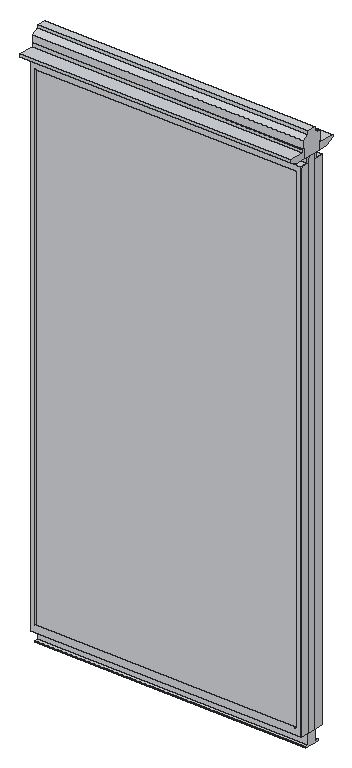
Revit family "Wall-Panel_Operable-Partition_Moderco_Signature-Series", category Curtain Panels, Revit 2026
Family settings
  Classification Number = 23.25.40.17
  Always vertical = Yes
  Cut with Voids When Loaded = No
  Shared = No
Parameters (values of type "8500 Paired Panel")
  Warranty Duration (Years) = 0
  Use = "Pair"
  URL = "http://moderco.com/"
  Track Type [instance] = Overhead Tracks : Track 33 with W Trim
  Threshold Material [instance] = none
  Test Data = ""
  Specification = "http://www.arcat.com/sdspecs/htm04/10_22_26mpi.htm"
  Send Message = ""
  Seal Height_Bottom [instance] = 0' - 2"
  Sales Information = "http://moderco.com/contact/"
  STC Rating [instance] = 0
  Revision = "R1_2015-09"
  Product Properties = ""
  Product Data = "http://www.arcat.com/arcatcos/cos34/arc34266.html"
  Panel Width [instance] = 3' - 8"
  Panel Thickness = 0' - 4"
  Panel Height [instance] = 7' - 2"
  Model = "8500"
  Max Height = 22' - 4"
  Manufacturer Website = "http://moderco.com/"
  Manufacturer Phone - Toll Free = "800-363-3150"
  Manufacturer Phone = "450-641-3150"
  Manufacturer Fax = "450-641-4965 or 800-231-4965"
  Manufacturer Address = "115 de Lauzon   Boucherville, QC, Canada J4B 1E7"
  Manufacturer = "Moderco, Inc"
  Maintenance Schedule (Months) = 0
  Keynote = "10 22 26"
  Interior Finish [instance] = none
  Installation-Fabrication = ""
  Installation Phase = ""
  Green Building-LEED = ""
  Frame Material [instance] = none
  Exterior Finish [instance] = none
  Expected Lifespan (Years) = 0
  Drawn By = "Sumex Design, Inc. / Robert S. Weygant, CSI, CDT, SCIP"
  Description = "Moderco Signature Series 8500 Paired Wall Panel as Specified"
  Copyright = "©Arcat Inc."
  Construction Details = "http://www.arcat.com/details/moderco/moderco.html?coid=34266"
  Building Codes = ""
  Assembly Code = "C1010300"
Types (5): name | Use | Model | Max Height | Description
  8760 Electric Panel | "Electric" | "8760" | 16' - 4" | "Moderco Signature Series 8760 Single Wall Panel as Specified"
  8720 Electric Panel | "Electric" | "8720" | 16' - 4" | "Moderco Signature Series 8720 Single Wall Panel as Specified"
  8500 Paired Panel | "Pair" | "8500" | 22' - 4" | "Moderco Signature Series 8500 Paired Wall Panel as Specified"
  8800 Single Panel | "Single" | "8800" | 30' - 4" | "Moderco Signature Series 8800 Single Wall Panel as Specified"
  8600 Single Panel | "Single" | "8600" | 22' - 4" | "Moderco Signature Series 8600 Single Wall Panel as Specified"
Reference planes (in)
  plane 1 "Front": y = 0
  plane 2: z = 0
  plane 3 "Center (Left/Right)": x = 0
  plane 4 "Left": x = -22
  plane 5 "Right": x = 22
  plane 6 "Top": z = 86
  plane 7: y = 2
  plane 8: y = -2
  plane 9: z = 2
  plane 10: z = 85
Forms (in)
  Extrusion 1, solid, material <- "Interior Finish"
    sketch origin (22, 0, 0) x (0, -1, 0) y (0, 0, 1)
      loop
        line (2, 2) -> (2, 85) -> (0.5, 85) -> (0.5, 2) -> (2, 2)
    from 0 to 44
  Extrusion 2, solid, material <- "Exterior Finish"
    sketch origin (22, 0, 0) x (0, 1, 0) y (0, 0, -1)
      loop
        line (2, -2) -> (0.5, -2) -> (0.5, -85) -> (2, -85) -> (2, -2)
    from 0 to 44
  Extrusion 3, solid, material <- "Frame Material"
    sketch origin (0, 0, 0) x (1, 0, 0) y (0, 1, 0)
      loop
        line (-22, 0.5) -> (-22, -0.5) -> (-20, -0.5) -> (-20, 0.5) -> (-22, 0.5)
      loop
        line (22, 0.5) -> (20, 0.5) -> (20, -0.5) -> (22, -0.5) -> (22, 0.5)
    from 2 to 86
  Extrusion 4, solid, material <- "Threshold Material"
    sketch origin (22, 0, 0) x (0, -1, 0) y (0, 0, 1)
      loop
        line (2, 2.12546) -> (-2, 2.12546) -> (-2, 3.12546) -> (-2.125, 3.12546) -> (-2.125, 2) -> (-0.75, 2) -> (-0.75, 0.25) -> (-1.25, 0.25) -> (-1.25, 0) -> (1.25, 0) -> (1.25, 0.25) -> (0.75, 0.25) -> (0.75, 2) -> (2.125, 2) -> (2.125, 3.12546) -> (2, 3.12546) -> (2, 2.12546)
    from 0 to 44
  Extrusion 5, solid, material <- "Threshold Material"
    sketch origin (22, 0, 0) x (0, -1, 0) y (0, 0, 1)
      loop
        line (2, 85) -> (2, 84.25) -> (2.125, 84.25) -> (2.125, 85.125) -> (0.875, 85.125) -> (0.875, 86) -> (-0.875, 86) -> (-0.875, 85.125) -> (-2.125, 85.125) -> (-2.125, 84.25) -> (-2, 84.25) -> (-2, 85) -> (2, 85)
    from 0 to 44
  Extrusion 6, solid, material <- "Threshold Material"
    sketch origin (0, 0, 0) x (1, 0, 0) y (0, 0, 1)
      loop
        line (-22, 85) -> (-22, 2) -> (-21.25, 2) -> (-21.25, 85) -> (-22, 85)
      loop
        line (22, 85) -> (21.25, 85) -> (21.25, 2) -> (22, 2) -> (22, 85)
    from -2.125 to 2.125
Cuts and joins
  joined: Extrusion 4, Extrusion 5, Extrusion 6
Text (in)
  text "Exterior" at (-54.29358, 31.38743, 0), in view "Ref. Level"
  text "Exterior" at (480, 41.53993, 89.60405), in view "Right"
  text "Exterior" at (-240, 57.82419, 105.78864), in view "Left"
Dimensions and locks (in)
  equal spacing: plane 4 "Left", plane 3 "Center (Left/Right)", plane 5 "Right"
  equal spacing: plane 7, plane 1 "Front", plane 8
  "Panel Thickness": plane 7 to plane 8
  "Panel Height": plane 6 "Top" to level
  "Panel Width": plane 4 "Left" to plane 5 "Right"
  "Seal Height_Bottom": plane 9 to plane 2
  locked: plane 8 to Extrusion 1 sketch curve at 1.5
  locked: Extrusion 2 sketch curve to plane 7 at 1.5
  locked: plane 7 to Extrusion 3 sketch curve at 1.5  (x2)
  locked: Extrusion 3 sketch curve to plane 8 at 1.5  (x2)
  locked: Extrusion 3 sketch curve to plane 5 "Right" at 2
  locked: plane 4 "Left" to Extrusion 3 sketch curve at 2
  locked: Extrusion 4 sketch curve to plane 8 at 0.125
  locked: plane 7 to Extrusion 4 sketch curve at 0.125
  Extrusion 4 sketch curve to plane 1 "Front" to Extrusion 4 sketch curve = 0' - 0 3/4" locked, 0' - 0 3/4" locked
  locked: plane 10 to plane 6 "Top" at 1
  Extrusion 5 sketch curve to plane 8 to Extrusion 5 sketch curve = 0' - 0 1/8" locked, 0' - 1 1/8"
  Extrusion 5 sketch curve to plane 7 to Extrusion 5 sketch curve = 0' - 1 1/8", 0' - 0 1/8" locked
  locked: plane 4 "Left" to Extrusion 6 sketch curve at 0.75
  locked: Extrusion 6 sketch curve to plane 5 "Right" at 0.75
  locked: Extrusion 5 sketch curve to plane 10 at 0.125  (x2)
  Extrusion 4 sketch curve to plane 1 "Front" to Extrusion 4 sketch curve = 0' - 1 1/4" locked, 0' - 1 1/4" locked
  aligned and locked: plane 3 "Center (Left/Right)" to nested 1
  aligned and locked: plane 8 to Extrusion 1 sketch curve
  aligned and locked: Extrusion 2 sketch curve to plane 9
  aligned and locked: plane 7 to Extrusion 2 sketch curve
  aligned and locked: plane 9 to Extrusion 1 sketch curve
  aligned and locked: plane 4 "Left" to Extrusion 1
  aligned and locked: Extrusion 1 to plane 5 "Right"
  aligned and locked: plane 4 "Left" to Extrusion 2
  aligned and locked: Extrusion 2 to plane 5 "Right"
  aligned and locked: plane 4 "Left" to Extrusion 3 sketch curve
  aligned and locked: plane 5 "Right" to Extrusion 3 sketch curve
  aligned and locked: Extrusion 3 to plane 6 "Top"
  aligned and locked: Extrusion 3 to plane 9
  aligned and locked: plane 2 to Extrusion 4 sketch curve
  aligned and locked: plane 4 "Left" to Extrusion 4
  aligned and locked: Extrusion 4 to plane 5 "Right"
  aligned and locked: Extrusion 1 sketch curve to plane 10
  aligned and locked: plane 10 to Extrusion 2 sketch curve
  aligned and locked: plane 4 "Left" to Extrusion 5
  aligned and locked: Extrusion 5 to plane 5 "Right"
  aligned and locked: Extrusion 6 sketch curve to plane 4 "Left"
  aligned and locked: Extrusion 6 sketch curve to plane 5 "Right"
  aligned and locked: plane 10 to Extrusion 6 sketch curve
  aligned and locked: Extrusion 6 sketch curve to plane 10
  aligned and locked: plane 9 to Extrusion 6 sketch curve
  aligned and locked: Extrusion 6 sketch curve to plane 9
  aligned and locked: plane 9 to Extrusion 4 sketch curve
  aligned and locked: Extrusion 4 sketch curve to plane 9
Automatic sketch dimensions
  Extrusion 1 sketch curve to plane 8 = 0' - 0"
  Extrusion 5 sketch curve to plane 7 = 0' - 0"
  Extrusion 5 sketch curve to plane 8 = 0' - 0"
  plane 6 "Top" to Extrusion 5 sketch curve = 0' - 0"
  Extrusion 5 sketch curve to Extrusion 5 sketch curve = 0' - 0 3/4"  (x2)
  Extrusion 5 sketch curve to plane 10 = 0' - 0"
  Extrusion 4 sketch curve to plane 7 = 0' - 0"
  Extrusion 4 sketch curve to plane 8 = 0' - 0"
  Extrusion 4 sketch curve to Extrusion 4 sketch curve = 0' - 0 1/4"  (x2)
  plane 9 to Extrusion 4 sketch curve = 0' - 0.12546"
  Extrusion 4 sketch curve to Extrusion 4 sketch curve = 0' - 1"  (x2)
Nested families (in)
  nested 1: "Overhead Tracks" at (0, 0, 0), length <- "Panel Width", Height <- "Panel Height", type <- "Track Type", finish <- "Frame Material", type "Track 33 with W Trim"
    with length 3' - 8", finish none, built-in parameter 1001300 7' - 2", track width 0' - 3 1/4", halftrackwidth 0' - 1 5/8", W Trim yes, No 552 no, No 33 yes, L Trim no
Definition of nested family "Overhead Tracks"
  Parameters
    track width = 0' - 3 1/8"
    length [instance] = 4' - 3.58097"
    halftrackwidth = track width / 2  # 0' - 1 9/16"
    finish [instance] = none
    W Trim = no
    No 556 = no
    No 552 = yes
    No 45 = no
    No 33 = no
    L Trim = yes
    Height [instance] = 5' - 5.60265"
    Default Elevation = 4' - 0"
    Assembly Code = ""
  Reference planes (in)
    plane 1 "Center (Front/Back)": y = 0
    plane 2: z = 0
    plane 3 "Center (Left/Right)": x = 0
    plane 4: z = 65.60265
    plane 5: x = -25.79049
    plane 6: x = 25.79049
  Forms (in)
    Extrusion 1, solid, material <- "finish", visible <- "No 33"
      sketch origin (0, 0, 0) x (0, 1, 0) y (0, 0, 1)
        loop
          line (1.625, 65.60265) -> (1.625, 68.34747) -> (0.75, 68.85265) -> (0.75, 69.35265) -> (-0.75, 69.35265) -> (-0.75, 68.85265) -> (-1.625, 68.34747) -> (-1.625, 65.60265) -> (1.625, 65.60265)
      from -25.79049 to 25.79049
    Extrusion 2, solid, material <- "finish", visible <- "L Trim"
      sketch origin (0, 0, 0) x (0, 1, 0) y (0, 0, 1)
        loop
          line (-1.5625, 65.60265) -> (-1.5625, 67.10265) -> (-1.6875, 67.10265) -> (-1.6875, 65.72765) -> (-3.0625, 65.72765) -> (-3.0625, 65.60265) -> (-1.5625, 65.60265)
        loop
          line (1.5625, 65.60265) -> (3.0625, 65.60265) -> (3.0625, 65.72765) -> (1.6875, 65.72765) -> (1.6875, 67.10265) -> (1.5625, 67.10265) -> (1.5625, 65.60265)
      from -25.79049 to 25.79049
    Extrusion 3, solid, material <- "finish", visible <- "W Trim"
      sketch origin (0, 0, 0) x (0, 1, 0) y (0, 0, 1)
        loop
          line (-1.5625, 65.60265) -> (-1.5625, 67.10265) -> (-1.6875, 67.10265) -> (-1.6875, 66.60265) -> (-4.1875, 66.60265) -> (-4.1875, 66.22765) -> (-3.10497, 65.60265) -> (-1.5625, 65.60265)
        loop
          line (1.5625, 65.60265) -> (3.10497, 65.60265) -> (4.1875, 66.22765) -> (4.1875, 66.60265) -> (1.6875, 66.60265) -> (1.6875, 67.10265) -> (1.5625, 67.10265) -> (1.5625, 65.60265)
      from -25.79049 to 25.79049
    Extrusion 4, solid, material <- "finish", visible <- "No 45"
      sketch origin (0, 0, 0) x (0, 1, 0) y (0, 0, 1)
        loop
          line (-1.125, 65.60265) -> (1.125, 65.60265) -> (1.125, 67.35265) -> (0.75, 67.35265) -> (0.75, 68.22765) -> (-0.75, 68.22765) -> (-0.75, 67.35265) -> (-1.125, 67.35265) -> (-1.125, 65.60265)
      from -25.79049 to 25.79049
    Extrusion 5, solid, material <- "finish", visible <- "No 552"
      sketch origin (0, 0, 0) x (0, 1, 0) y (0, 0, 1)
        loop
          line (1.5625, 65.60265) -> (1.5625, 68.85265) -> (1.25, 68.85265) -> (1.25, 69.35265) -> (-1.25, 69.35265) -> (-1.25, 68.85265) -> (-1.5625, 68.85265) -> (-1.5625, 65.60265) -> (1.5625, 65.60265)
      from -25.79049 to 25.79049
    Extrusion 6, solid, material <- "finish", visible <- "No 556"
      sketch origin (0, 0, 0) x (0, 1, 0) y (0, 0, 1)
        loop
          line (-1.5625, 65.60265) -> (1.5625, 65.60265) -> (1.5625, 70.29015) -> (1.4375, 70.29015) -> (1.4375, 71.04015) -> (-1.4375, 71.04015) -> (-1.4375, 70.29015) -> (-1.5625, 70.29015) -> (-1.5625, 65.60265)
      from -25.79049 to 25.79049
  Dimensions and locks (in)
    "Height": plane 4 to level
    equal spacing: plane 6, plane 3 "Center (Left/Right)", plane 5
    "length": plane 6 to plane 5
    "halftrackwidth": Extrusion 2 sketch curve to plane 1 "Center (Front/Back)"
    "halftrackwidth": plane 1 "Center (Front/Back)" to Extrusion 2 sketch curve
    Extrusion 2 sketch curve to Extrusion 2 sketch curve to Extrusion 2 sketch curve = 0' - 1 3/8" locked, 0' - 0 1/8" locked
    Extrusion 2 sketch curve to Extrusion 2 sketch curve to Extrusion 2 sketch curve = 0' - 0 1/8" locked, 0' - 1 3/8" locked
    Extrusion 3 sketch curve to Extrusion 3 sketch curve to Extrusion 3 sketch curve to Extrusion 3 sketch curve = 0' - 1.08253" locked, 0' - 1.41747" locked, 0' - 0 1/8" locked
    Extrusion 3 sketch curve to Extrusion 3 sketch curve to Extrusion 3 sketch curve to Extrusion 3 sketch curve = 0' - 0 1/8" locked, 0' - 1.41747" locked, 0' - 1.08253" locked
    "halftrackwidth": Extrusion 3 sketch curve to plane 1 "Center (Front/Back)"
    "halftrackwidth": plane 1 "Center (Front/Back)" to Extrusion 3 sketch curve
    aligned and locked: plane 2 to level
    aligned and locked: plane 6 to Extrusion 1
    aligned and locked: Extrusion 1 to plane 5
    aligned and locked: plane 6 to Extrusion 3
    aligned and locked: Extrusion 3 to plane 5
    aligned and locked: plane 6 to Extrusion 4
    aligned and locked: Extrusion 4 to plane 5
    aligned and locked: plane 6 to Extrusion 2
    aligned and locked: Extrusion 2 to plane 5
    aligned and locked: Extrusion 6 to plane 5
    aligned and locked: plane 6 to Extrusion 6
    aligned and locked: plane 6 to Extrusion 5
    aligned and locked: Extrusion 5 to plane 5
  Automatic sketch dimensions
    Extrusion 1 sketch curve to plane 4 = 0' - 0"
    plane 1 "Center (Front/Back)" to Extrusion 1 sketch curve = 0' - 1 5/8"
    plane 1 "Center (Front/Back)" to Extrusion 1 sketch curve = 0' - 0 3/4"
    Extrusion 1 sketch curve to plane 1 "Center (Front/Back)" = 0' - 0 3/4"
    Extrusion 1 sketch curve to Extrusion 1 sketch curve = 0' - 0 7/8"
    plane 4 to Extrusion 1 sketch curve = 0' - 2.74482"
    Extrusion 1 sketch curve to Extrusion 1 sketch curve = 0' - 0.50518"  (x2)
    Extrusion 1 sketch curve to Extrusion 1 sketch curve = 0' - 0 1/2"
    Extrusion 1 sketch curve to Extrusion 1 sketch curve = 0' - 1.00518"
    Extrusion 2 sketch curve to plane 4 = 0' - 0"  (x2)
    plane 4 to Extrusion 2 sketch curve = 0' - 0 1/8"  (x2)
    Extrusion 2 sketch curve to Extrusion 2 sketch curve = 0' - 1 3/8"  (x2)
    Extrusion 4 sketch curve to plane 4 = 0' - 0"
    plane 1 "Center (Front/Back)" to Extrusion 4 sketch curve = 0' - 0 3/4"
    plane 1 "Center (Front/Back)" to Extrusion 4 sketch curve = 0' - 1 1/8"
    Extrusion 4 sketch curve to Extrusion 4 sketch curve = 0' - 1 3/4"  (x2)
    Extrusion 4 sketch curve to Extrusion 4 sketch curve = 0' - 0 7/8"
    Extrusion 4 sketch curve to plane 1 "Center (Front/Back)" = 0' - 0 3/4"
    Extrusion 4 sketch curve to Extrusion 4 sketch curve = 0' - 0 3/8"
    Extrusion 3 sketch curve to plane 4 = 0' - 0"  (x2)
    plane 4 to Extrusion 3 sketch curve = 0' - 0 5/8"  (x2)
    plane 4 to Extrusion 3 sketch curve = 0' - 1"
    Extrusion 3 sketch curve to Extrusion 3 sketch curve = 0' - 0 3/8"
    Extrusion 3 sketch curve to Extrusion 3 sketch curve = 0' - 0 1/2"  (x2)
    Extrusion 5 sketch curve to plane 4 = 0' - 0"
    plane 1 "Center (Front/Back)" to Extrusion 5 sketch curve = 0' - 1 1/4"
    Extrusion 5 sketch curve to Extrusion 5 sketch curve = 0' - 0 5/16"
    plane 4 to Extrusion 5 sketch curve = 0' - 3 1/4"
    Extrusion 5 sketch curve to Extrusion 5 sketch curve = 0' - 0"
    Extrusion 5 sketch curve to Extrusion 5 sketch curve = 0' - 0 1/2"
    Extrusion 5 sketch curve to plane 1 "Center (Front/Back)" = 0' - 1 1/4"
    Extrusion 5 sketch curve to plane 1 "Center (Front/Back)" = 0' - 1 9/16"
    Extrusion 6 sketch curve to plane 4 = 0' - 0"
    plane 1 "Center (Front/Back)" to Extrusion 6 sketch curve = 0' - 1 7/16"
    plane 1 "Center (Front/Back)" to Extrusion 6 sketch curve = 0' - 1 9/16"
    Extrusion 6 sketch curve to Extrusion 6 sketch curve = 0' - 0 1/8"
    plane 4 to Extrusion 6 sketch curve = 0' - 4 11/16"
    Extrusion 6 sketch curve to Extrusion 6 sketch curve = 0' - 0"
    Extrusion 6 sketch curve to Extrusion 6 sketch curve = 0' - 0 3/4"
    Extrusion 6 sketch curve to plane 1 "Center (Front/Back)" = 0' - 1 7/16"
